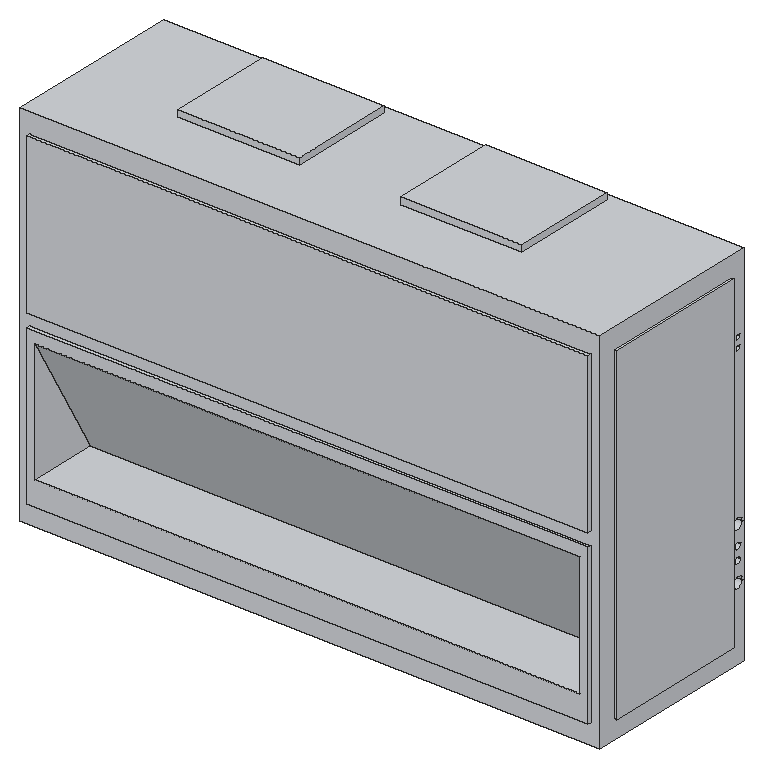
Revit family "d789b1a56ced459faa8dcfa3b6b670bb", category Mechanical Equipment, Revit 2021
Family settings
  Round Connector Dimension = Use Radius
  Part Type = Normal
  OmniClass Number = 23.75.35.14.17
  OmniClass Title = Modular Indoor Air Handling Units
  Seek Item ID = Air Handling Unit - Vertical Packaged - DX - 12.5-25 Tons-0000-USA-ENU
  Work Plane-Based = No
  Always vertical = Yes
  Cut with Voids When Loaded = No
  Shared = No
  Room Calculation Point = No
Parameters (values of type "5000 CFM")
  Working Pressure [instance] = 435.00 psi
  Voltage = 480 V
  Supply Air Outlet Width = 1' - 6 3/8"
  Supply Air Outlet Height = 1' - 4 1/16"
  Return Air Inlet Width = 82 3/4"
  Return Air Inlet Height = 18 1/2"
  Power Wire Radius = Power Wire Diameter / 2  # 0.437500"
  Power Wire Diameter = 0.875000"
  Outlet Radius = Outlet Diameter / 2  # 7/8"
  Outlet Diameter = 1 3/4"
  Operating Charge [instance] = "4.0 lb"
  Number of Poles = 3
  Nominal Capacity [instance] = 150000 Btu/h
  Load Classification = Cooling
  Inlet Radius = Inlet Diameter / 2  # 9/16"
  Inlet Diameter = 1 1/8"
  External Static Pressure [instance] = 2.00 in-wg
  Drain Radius = Drain Diameter / 2  # 5/8"
  Drain Flow [instance] = 0 GPM
  Drain Diameter = 1 1/4"
  Distance = 1' - 3 3/8"
  Default Elevation = 0' - 0"
  Control Wire Radius = Control Wire Diameter / 2  # 0.437500"
  Control Wire Diameter = 0.875000"
  C9 Offset 1 = 3' - 6 15/16"
  Apparent Load = 4560 VA
  Air Flow = 5000 CFM
  AHU Width = 2' - 4 3/16"
  AHU Material = none
  AHU Length = 7' - 5"
  AHU Height = 4' - 8 1/16"
Types (5): name | Supply Air Outlet Width | Supply Air Outlet Height | Return Air Inlet Width | Return Air Inlet Height | Operating Charge | Nominal Capacity | Drain Radius | Drain Diameter | Distance | C9 Offset 1 | Apparent Load | Air Flow | AHU Width | AHU Length | AHU Height
  (no name) | 1' - 6 3/8" | 1' - 4 1/16" | 82 3/4" | 18 1/2" | "4.0 lb" | 150000 Btu/h | 5/8" | 1 1/4" | 1' - 3 3/8" | 3' - 6 15/16" | 4560 VA | 5000 CFM | 2' - 4 3/16" | 7' - 5" | 4' - 8 1/16"
  5000 CFM | 1' - 6 3/8" | 1' - 4 1/16" | 82 3/4" | 18 1/2" | "4.0 lb" | 150000 Btu/h | 5/8" | 1 1/4" | 1' - 3 3/8" | 3' - 6 15/16" | 4560 VA | 5000 CFM | 2' - 4 3/16" | 7' - 5" | 4' - 8 1/16"
  6000 CFM | 1' - 6 3/8" | 1' - 4 1/16" | 82 3/4" | 18 1/2" | "5.0 lb" | 180000 Btu/h | 5/8" | 1 1/4" | 1' - 3 3/8" | 3' - 6 15/16" | 5330 VA | 6000 CFM | 2' - 4 3/16" | 7' - 5" | 4' - 8 1/16"
  8000 CFM | 1' - 6 3/8" | 1' - 4 1/16" | 82 3/4" | 18 1/2" | "7.0 lb" | 240000 Btu/h | 5/8" | 1 1/4" | 1' - 3 3/8" | 3' - 6 15/16" | 7670 VA | 8000 CFM | 2' - 4 3/16" | 7' - 5" | 4' - 8 1/16"
  10000 CFM | 1' - 9 9/16" | 1' - 7 1/16" | 92 3/4" | 24 11/16" | "9.0 lb" | 300000 Btu/h | 13/16" | 1 5/8" | 1' - 6 7/8" | 4' - 3 1/16" | 8710 VA | 10000 CFM | 2' - 8 5/8" | 8' - 3" | 5' - 5 9/16"
Reference planes (in)
  plane 1 "Center (Front/Back)": y = 0
  plane 2: z = 0
  plane 3 "Center (Left/Right)": x = 0
  plane 4: y = 28.1875
  plane 5: x = 89
  plane 6: y = 27.6875
  plane 7: y = 0.5
  plane 8: y = 25.1875
  plane 9: y = 3
  plane 10: x = 2
  plane 11: x = 87
  plane 12: x = 0.5
  plane 13: x = 88.5
  plane 14: z = 56.0625
  plane 15: z = 57.0625
  plane 16: z = 53.0625
  plane 17: z = 3
  plane 18: z = 28.03125
  plane 19: z = 29.03125
  plane 20: z = 27.03125
  plane 21: x = 16.5
  plane 22: x = 34.875
  plane 23: x = 50.25
  plane 24: x = 68.625
  plane 25: y = 26.5625
  plane 26: y = 10.5
  plane 27: x = 3.125
  plane 28: z = 6.75
  plane 29: z = 25.25
  plane 30: x = 85.875
  plane 31: z = 1.5
  plane 32: z = 11.0625
  plane 33: z = 14.0625
  plane 34: z = 16.0625
  plane 35: z = 19.0625
  plane 36: z = 42.9375
  plane 37: z = 44.4375
Forms (in)
  Extrusion 1, solid, material <- "AHU Material"
    sketch origin (0, 0, 0) x (1, 0, 0) y (0, 1, 0)
      loop
        line (0.5, 27.6875) -> (0.5, 0.5) -> (88.5, 0.5) -> (88.5, 27.6875) -> (0.5, 27.6875)
    from 0 to 56.0625
  Extrusion 2, solid, material <- "AHU Material"
    sketch origin (0, 0, 0) x (1, 0, 0) y (0, 1, 0)
      loop
        line (2, 28.1875) -> (2, 0) -> (87, 0) -> (87, 28.1875) -> (2, 28.1875)
    from 29.03125 to 53.0625
  Extrusion 3, solid, material <- "AHU Material"
    sketch origin (0, 0, 0) x (1, 0, 0) y (0, 1, 0)
      loop
        line (0, 25.1875) -> (0, 3) -> (89, 3) -> (89, 25.1875) -> (0, 25.1875)
    from 3 to 53.0625
  Extrusion 4, solid, material <- "AHU Material"
    sketch origin (0, 0, 65.5625) x (0, -1, 0) y (1, 0, 0)
      loop
        line (-28.1875, 2) -> (0, 2) -> (0, 87) -> (-28.1875, 87) -> (-28.1875, 2)
    from -62.5625 to -38.53125
  Extrusion 5, solid, material <- "AHU Material"
    sketch origin (0, 0, 0) x (1, 0, 0) y (0, 1, 0)
      loop
        line (16.5, 26.5625) -> (16.5, 10.5) -> (34.875, 10.5) -> (34.875, 26.5625) -> (16.5, 26.5625)
    from 56.0625 to 57.0625
  Extrusion 6, solid, material <- "AHU Material"
    sketch origin (0, 0, 0) x (1, 0, 0) y (0, 1, 0)
      loop
        line (50.25, 26.5625) -> (50.25, 10.5) -> (68.625, 10.5) -> (68.625, 26.5625) -> (50.25, 26.5625)
    from 56.0625 to 57.0625
  Extrusion 7, void
    sketch origin (0, 0, 0) x (0, 1, 0) y (0, 0, 1)
      loop
        line (0, 25.25) -> (0, 6.75) -> (10.5, 6.75) -> (0, 25.25)
    from 3.125 to 85.875
  Extrusion 8, void
    sketch origin (0, 0, 0) x (0, 1, 0) y (0, 0, 1)
      loop
        circle (26.5625, 3) r 0.625
    from 0.5 to 2
  Extrusion 9, void
    sketch origin (0, 0, 0) x (0, 1, 0) y (0, 0, 1)
      loop
        circle (26.5625, 11.0625) r 0.875
    from 85.875 to 88.5
  Extrusion 10, void
    sketch origin (0, 0, 0) x (0, 1, 0) y (0, 0, 1)
      loop
        circle (26.5625, 14.0625) r 0.5625
    from 87 to 88.5
  Extrusion 11, void
    sketch origin (0, 0, 0) x (0, 1, 0) y (0, 0, 1)
      loop
        circle (26.5625, 16.0625) r 0.5625
    from 88.5 to 87
  Extrusion 12, void
    sketch origin (0, 0, 0) x (0, 1, 0) y (0, 0, 1)
      loop
        circle (26.5625, 19.0625) r 0.875
    from 87 to 88.5
  Extrusion 13, void
    sketch origin (0, 0, 0) x (0, 1, 0) y (0, 0, 1)
      loop
        circle (26.5625, 42.9375) r 0.4375
    from 87 to 88.5
  Extrusion 14, void
    sketch origin (0, 0, 0) x (0, 1, 0) y (0, 0, 1)
      loop
        circle (26.5625, 44.4375) r 0.4375
    from 87 to 88.5
Cuts and joins
  Extrusion 7, Extrusion 8, Extrusion 9, Extrusion 10, Extrusion 11, Extrusion 12, Extrusion 13, Extrusion 14 cuts Extrusion 1
  Extrusion 13 cuts Extrusion 2
  Extrusion 7, Extrusion 13 cuts Extrusion 3
  Extrusion 7, Extrusion 13 cuts Extrusion 4
  Extrusion 13 cuts Extrusion 5
  Extrusion 13 cuts Extrusion 6
  joined: Extrusion 1, Extrusion 2, Extrusion 3, Extrusion 4, Extrusion 5, Extrusion 6
Dimensions and locks (in)
  "AHU Width": plane 1 "Center (Front/Back)" to plane 4
  "AHU Length": plane 3 "Center (Left/Right)" to plane 5
  locked: plane 6 to plane 4 at 0.5
  locked: plane 1 "Center (Front/Back)" to plane 7 at 0.5
  locked: plane 8 to plane 4 at 3
  locked: plane 1 "Center (Front/Back)" to plane 9 at 3
  locked: plane 3 "Center (Left/Right)" to plane 10 at 2
  locked: plane 11 to plane 5 at 2
  locked: plane 3 "Center (Left/Right)" to plane 12 at 0.5
  locked: plane 13 to plane 5 at 0.5
  "AHU Height": plane 14 to plane 2
  locked: plane 15 to plane 14 at 1
  locked: plane 14 to plane 16 at 3
  locked: plane 17 to plane 2 at 3
  equal spacing: plane 14, plane 18, plane 2
  locked: plane 3 "Center (Left/Right)" to plane 21 at 16.5
  "Supply Air Outlet Width": plane 21 to plane 22
  "Distance": plane 22 to plane 23
  "Supply Air Outlet Width": plane 23 to plane 24
  locked: plane 25 to plane 4 at 1.625
  "Supply Air Outlet Height": plane 25 to plane 26
  locked: plane 27 to plane 3 "Center (Left/Right)" at 3.125
  locked: plane 28 to plane 2 at 6.75
  "Return Air Inlet Height": plane 29 to plane 28
  "Return Air Inlet Width": plane 30 to plane 27
  locked: plane 31 to plane 2 at 1.5
  locked: plane 32 to plane 2 at 11.0625
  locked: plane 33 to plane 2 at 14.0625
  locked: plane 34 to plane 2 at 16.0625
  locked: plane 35 to plane 2 at 19.0625
  "C9 Offset 1": plane 36 to plane 2
  locked: plane 37 to plane 36 at 1.5
  locked: plane 19 to plane 18 at 1
  locked: plane 18 to plane 20 at 1
  "Drain Radius": radius of Extrusion 8 sketch curve
  "Outlet Radius": radius of Extrusion 9 sketch curve
  "Inlet Radius": radius of Extrusion 10 sketch curve
  "Inlet Radius": radius of Extrusion 11 sketch curve
  "Outlet Radius": radius of Extrusion 12 sketch curve
  "Power Wire Radius": radius of Extrusion 13 sketch curve
  "Control Wire Radius": radius of Extrusion 14 sketch curve
  aligned and locked: plane 12 to Extrusion 1 sketch curve
  aligned and locked: Extrusion 1 sketch curve to plane 13
  aligned and locked: Extrusion 1 sketch curve to plane 7
  aligned and locked: plane 6 to Extrusion 1 sketch curve
  aligned and locked: plane 14 to Extrusion 1
  aligned and locked: Extrusion 1 to plane 2
  aligned and locked: plane 10 to Extrusion 2 sketch curve
  aligned and locked: plane 4 to Extrusion 2 sketch curve
  aligned and locked: plane 1 "Center (Front/Back)" to Extrusion 2 sketch curve
  aligned and locked: Extrusion 2 sketch curve to plane 11
  aligned and locked: plane 3 "Center (Left/Right)" to Extrusion 3 sketch curve
  aligned and locked: plane 8 to Extrusion 3 sketch curve
  aligned and locked: plane 9 to Extrusion 3 sketch curve
  aligned and locked: Extrusion 3 sketch curve to plane 5
  aligned and locked: plane 16 to Extrusion 3
  aligned and locked: Extrusion 3 to plane 17
  aligned and locked: plane 16 to Extrusion 2
  aligned and locked: Extrusion 2 to plane 19
  aligned and locked: Extrusion 4 to plane 17
  aligned and locked: plane 21 to Extrusion 5 sketch curve
  aligned and locked: plane 26 to Extrusion 5 sketch curve
  aligned and locked: Extrusion 5 sketch curve to plane 22
  aligned and locked: plane 25 to Extrusion 5 sketch curve
  aligned and locked: plane 23 to Extrusion 6 sketch curve
  aligned and locked: plane 25 to Extrusion 6 sketch curve
  aligned and locked: plane 26 to Extrusion 6 sketch curve
  aligned and locked: Extrusion 6 sketch curve to plane 24
  aligned and locked: plane 15 to Extrusion 5
  aligned and locked: Extrusion 5 to plane 14
  aligned and locked: plane 15 to Extrusion 6
  aligned and locked: Extrusion 6 to plane 14
  aligned and locked: plane 1 "Center (Front/Back)" to Extrusion 7 sketch curve
  aligned and locked: Extrusion 7 sketch curve to plane 28
  aligned and locked: plane 26 to Extrusion 7 sketch curve
  aligned and locked: plane 29 to Extrusion 7 sketch curve
  aligned and locked: plane 30 to Extrusion 7
  aligned and locked: Extrusion 7 to plane 27
  aligned and locked: cut or joined group 1 (Extrusion 1, Extrusion 2, Extrusion 3, Extrusion 4, Extrusion 5, Extrusion 6, Extrusion 7, Extrusion 8, Extrusion 9, Extrusion 10, Extrusion 11, Extrusion 12, Extrusion 13, Extrusion 14) to plane 20
  aligned and locked: plane 17 to Extrusion 8 sketch curve
  aligned and locked: plane 25 to Extrusion 8 sketch curve
  aligned and locked: Extrusion 8 to plane 12
  aligned and locked: plane 10 to Extrusion 8
  aligned and locked: plane 32 to Extrusion 9 sketch curve
  aligned and locked: plane 25 to Extrusion 9 sketch curve
  aligned and locked: plane 13 to Extrusion 9
  aligned and locked: Extrusion 9 to plane 30
  aligned and locked: plane 33 to Extrusion 10 sketch curve
  aligned and locked: plane 25 to Extrusion 10 sketch curve
  aligned and locked: plane 13 to Extrusion 10
  aligned and locked: Extrusion 10 to plane 11
  aligned and locked: plane 34 to Extrusion 11 sketch curve
  aligned and locked: plane 25 to Extrusion 11 sketch curve
  aligned and locked: plane 13 to Extrusion 11
  aligned and locked: Extrusion 11 to plane 11
  aligned and locked: plane 35 to Extrusion 12 sketch curve
  aligned and locked: plane 25 to Extrusion 12 sketch curve
  aligned and locked: plane 13 to Extrusion 12
  aligned and locked: Extrusion 12 to plane 11
  aligned and locked: plane 36 to Extrusion 13 sketch curve
  aligned and locked: plane 25 to Extrusion 13 sketch curve
  aligned and locked: plane 13 to Extrusion 13
  aligned and locked: Extrusion 13 to plane 11
  aligned and locked: plane 37 to Extrusion 14 sketch curve
  aligned and locked: plane 25 to Extrusion 14 sketch curve
  aligned and locked: plane 13 to Extrusion 14
  aligned and locked: Extrusion 14 to plane 11
Automatic sketch dimensions
  Extrusion 4 sketch curve to plane 4 = 0' - 0"
  Extrusion 4 sketch curve to plane 1 "Center (Front/Back)" = 0' - 0"
  Extrusion 4 sketch curve to plane 10 = 0' - 0"
  Extrusion 4 sketch curve to plane 11 = 0' - 0"
Connectors (in)
  hvac at (25.6875, 18.53125, 57.0625), driven by "External Static Pressure", driven by "Air Flow", driven by "Supply Air Outlet Height", driven by "Supply Air Outlet Width"
    settings: on cut or joined group 1, index 1, duct flow 5000 CFM, flow factor 0, pres drop 2.00 in-wg, loss coef 0, conn angle 0.00°, conn width 18 3/8", conn height 16 1/16", conn diameter 24", duct sys type 1, conn prof type 1, flow config 0, flow direction 2, loss method 4, conn ref index -1, conn util no, is conn primary yes, conn desc ""
  hvac at (59.4375, 18.53125, 57.0625), driven by "External Static Pressure", driven by "Air Flow", driven by "Supply Air Outlet Height", driven by "Supply Air Outlet Width"
    settings: on cut or joined group 1, index 2, duct flow 5000 CFM, flow factor 0, pres drop 2.00 in-wg, loss coef 0, conn angle 0.00°, conn width 18 3/8", conn height 16 1/16", conn diameter 24", duct sys type 1, conn prof type 1, flow config 0, flow direction 2, loss method 4, conn ref index -1, conn util no, is conn primary no, conn desc ""
  hvac at (44.5, 0, 16), driven by "Air Flow", driven by "Return Air Inlet Height", driven by "Return Air Inlet Width"
    settings: on cut or joined group 1, index 3, duct flow 5000 CFM, flow factor 0, pres drop 0.00 in-wg, loss coef 0, conn angle 0.00°, conn width 82 3/4", conn height 18 1/2", conn diameter 24", duct sys type 2, conn prof type 1, flow config 0, flow direction 1, loss method 0, conn ref index -1, conn util no, is conn primary no, conn desc ""
  piping at (88.5, 26.5625, 11.0625), diameter 1.75, driven by "Outlet Radius"
    settings: on cut or joined group 1, index 4, connector inside diameter 1 3/4", connector length 0' - 0", flow factor 0, pipe flow 0 GPM, pressure drop 435.00 psi, fitting loss kfactor 0, connector angle 0.00°, fixture units 0, engagement length 0' - 0", angle of deflection 0.00°, flow configuration 1, flow direction 2, fitting loss method 0, system type 22, joint type 0, gender type 0, connector reference index 5, connector utility 0, adjustable connector no, is connector primary yes, connector description "Out"
  piping at (88.5, 26.5625, 14.0625), diameter 1.125, driven by "Inlet Radius"
    settings: on cut or joined group 1, index 5, connector inside diameter 1 1/8", connector length 0' - 0", flow factor 0, pipe flow 0 GPM, pressure drop 0.00 psi, fitting loss kfactor 0, connector angle 0.00°, fixture units 0, engagement length 0' - 0", angle of deflection 0.00°, flow configuration 1, flow direction 1, fitting loss method 0, system type 22, joint type 0, gender type 0, connector reference index 4, connector utility 0, adjustable connector no, is connector primary no, connector description "In"
  piping at (88.5, 26.5625, 16.0625), diameter 1.125, driven by "Inlet Radius"
    settings: on cut or joined group 1, index 6, connector inside diameter 1 1/8", connector length 0' - 0", flow factor 0, pipe flow 0 GPM, pressure drop 0.00 psi, fitting loss kfactor 0, connector angle 0.00°, fixture units 0, engagement length 0' - 0", angle of deflection 0.00°, flow configuration 1, flow direction 1, fitting loss method 0, system type 22, joint type 0, gender type 0, connector reference index 7, connector utility 0, adjustable connector no, is connector primary no, connector description "In"
  piping at (88.5, 26.5625, 19.0625), diameter 1.75, driven by "Outlet Radius"
    settings: on cut or joined group 1, index 7, connector inside diameter 1 3/4", connector length 0' - 0", flow factor 0, pipe flow 0 GPM, pressure drop 435.00 psi, fitting loss kfactor 0, connector angle 0.00°, fixture units 0, engagement length 0' - 0", angle of deflection 0.00°, flow configuration 1, flow direction 2, fitting loss method 0, system type 22, joint type 0, gender type 0, connector reference index 6, connector utility 0, adjustable connector no, is connector primary no, connector description "Out"
  piping at (0.5, 26.5625, 3), diameter 1.25, driven by "Drain Flow", driven by "Drain Radius"
    settings: on cut or joined group 1, index 8, connector inside diameter 1 1/4", connector length 0' - 0", flow factor 0, pipe flow 0 GPM, pressure drop 0.00 psi, fitting loss kfactor 0, connector angle 0.00°, fixture units 0, engagement length 0' - 0", angle of deflection 0.00°, flow configuration 1, flow direction 2, fitting loss method 0, system type 16, joint type 0, gender type 0, connector reference index -1, connector utility 0, adjustable connector yes, is connector primary no, connector description "Drain Out"
  electrical at (88.5, 26.5625, 42.9375), driven by "Apparent Load", driven by "Voltage", driven by "Number of Poles", driven by "Load Classification"
    settings: on cut or joined group 1, index 9, voltage 480 V, apparent load 4560 VA, apparent load phase1 0 VA, apparent load phase2 0 VA, apparent load phase3 0 VA, power factor 0.8, load classification "Cooling", number of poles 3, system type 30, power factor state 1, is connector primary yes, connector utility no, sub classification motor no, connector description ""
  electrical at (88.5, 26.5625, 44.4375)
    settings: on cut or joined group 1, index 10, voltage 0 V, apparent load 0 VA, apparent load phase1 0 VA, apparent load phase2 0 VA, apparent load phase3 0 VA, power factor 1, load classification "Other", number of poles 1, system type 13, power factor state 1, is connector primary no, connector utility no, sub classification motor no, connector description ""
